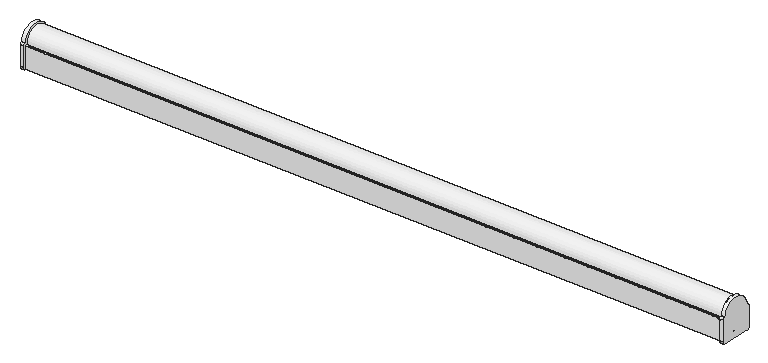
Revit family "0045174 Feilo Sylvania Lighting Fixture SYLBATTEN LED4 NW TP3", category Lighting Fixtures, host Face, Revit 2017
Family settings
  Host = Face
  Round Connector Dimension = Use Diameter
  Part Type = Normal
  OmniClass Number = 23.80.70.00
  OmniClass Title = Lighting
  Cut with Voids When Loaded = No
  Light Source = Yes
  Shared = No
  Room Calculation Point = No
Parameters (values of type "0045174 SYLBATTEN LED4 NW TP3")
  Width_FEILO = 66 mm
  Weight = "3.064 kg"
  Wattage Comments = "n/a"
  Wattage = 39 W
  WarrantyStartDate [instance] = "n/a"
  WarrantyGuarantorParts = "n/a"
  WarrantyDurationUnit = "n/a"
  WarrantyDurationParts = "n/a"
  WarrantyDescription = "n/a"
  built-in parameter 1150110 = 1 (stored number, unit not read)
  Voltage = 230 V
  URL = "http://www.sylvania-lighting.com"
  TypeName = "SYLBATTEN LED4 NW TP3"
  Type Image = <None>
  Type Comments = "n/a"
  built-in parameter 1114217 = 1 (stored number, unit not read)
  Tilt Angle = -90.00°
  built-in parameter 1150109 = 1 (stored number, unit not read)
  built-in parameter 1150134 = 12
  SymReflector_FEILO = no
  built-in parameter 1150113 = 1 (stored number, unit not read)
  SerialNumber [instance] = "n/a"
  PowerFactor = 0
  PowerConsumption = "39 W"
  Photometric Web File = "0045174.ies"
  NominalLength = 1505 mm
  NominalHeight = 76 mm
  NominalDepth = 66 mm
  Name = "SYLBATTEN LED4 NW TP3"
  ModelReference = Name  # "SYLBATTEN LED4 NW TP3"
  ModelNumber = "0045174"
  Model = Name  # "SYLBATTEN LED4 NW TP3"
  Material_4_FEILO = Reflector-Sylvania-Sylbatten-White
  Material_3_FEILO = Diffuser-Sylvania-Sylbatten-Glow
  Material_2_FEILO = Body-Sylvania-Sylbatten-White
  Material_1_FEILO = Body-Sylvania-Sylbatten-White
  Material = "sheet steel housing, polycarbonate diffuser"
  ManufacturerName = "Feilo Sylvania"
  Manufacturer = "Feilo Sylvania"
  LuminousEfficacy = "107.4 lm/W"
  built-in parameter 1150105 = 333.35 (stored number, unit not read)
  Lumens = 4188.99 lm
  LuminaireType = ""
  built-in parameter 1150115 = 1 (stored number, unit not read)
  LightOutputRatio = "100"
  built-in parameter 1150137 = (empty or 0)
  built-in parameter 1150139 = (empty or 0)
  Length_FEILO = 1505 mm
  LampsType = Lamp  # "LED"
  LampNominalLuminous = "4189 lm"
  LampMacAdamStep = "n/a"
  LampColourTemperature = "4000 K"
  LampColourRenderingIndex = "80"
  built-in parameter 1150112 = 1 (stored number, unit not read)
  built-in parameter 1150114 = 1 (stored number, unit not read)
  Lamp = "LED"
  Keynote = "16500"
  InstallationDate [instance] = "n/a"
  InputVoltage = "220-240V~"
  InputNominalFrequency = "n/a"
  built-in parameter 1150132 = (empty or 0)
  built-in parameter 1150102 = (empty or 0)
  built-in parameter 1150107 = 4000 (stored number, unit not read)
  built-in parameter 1150138 = (empty or 0)
  IngressProtection = "IP20"
  ImpactProtectionIndex = "IK07"
  built-in parameter 1150106 = 3.3335 (stored number, unit not read)
  IfcExportType = "IfcLightFixtureType"
  IfcExportAs = "IfcLightFixtureType"
  Height_FEILO = 76 mm
  ExpectedLife = 50000
  Emit from Rectangle Width = Length_FEILO - 16 mm  # 1489 mm
  Emit from Rectangle Length = Width_FEILO - 40 mm  # 26 mm
  Emit Shape Visible in Rendering = no
  ElectricShockClassification = "Class I"
  built-in parameter 1150104 = 9.9787 (stored number, unit not read)
  DurationUnit = "hours"
  DocumentationLiterature = "http://www.sylvania-lighting.com/product/en-int/products/0045174"
  DimmingControlOptions = "n/a"
  Dimming Lamp Color Temperature Shift = <None>
  Description = "LED batten, T8 replacement, ease of installation through 2 part push-in design of the housing (safety cable included), through wiring capability (TP3 = 3 core), sheet steel, 4189M, 39W, 107lm/W, 4000K, drive current: 350mA, CRI 80, 138° wide beam angle, electronic driver (non dimmable), IP20, IK07, 50,000 hrs (L70), (LxWxH) 1505x66x76mm, 5 step MacAdam ellipse, 3.7kg, white RAL9016, Class 1, 220-240V, energy class: A++, A+, A."
  Default Elevation = 1219.2 mm
  CreatedOn = "1/25/2018"
  CreatedBy = ""
  Cost = 0
  Color Filter = 16777215
  built-in parameter 1114216 [instance] = (empty or 0)
  ClassificationValue = "EF_70_80"
  ClassificationName = "Uniclass2015"
  CapOffset_FEILO = 2 mm
  BarCode [instance] = "n/a"
  built-in parameter 1114218 = 1 (stored number, unit not read)
  BackReflector_FEILO = and(not(AsymReflector_FEILO), SymReflector_FEILO)  # no
  built-in parameter 1150133 = 10 (stored number, unit not read)
  FrontReflector_FEILO = or(AsymReflector_FEILO, SymReflector_FEILO)  # no
  AsymReflector_FEILO = no
  AssetType = "Fixed"
  AssetIdentifier [instance] = "n/a"
  Assembly Code = "D5020200"
  Apparent Load = 39 VA
Reference planes
  plane 1 "Center (Front/Back)": y = 0
  plane 2: z = 0
  plane 3 "Center (Left/Right)": x = 0
  plane 4: x = 752.5
  plane 5: x = -752.5
  plane 6: y = 33
  plane 7: y = -33
  plane 8: z = 76
  plane 9: z = 47
  plane 10: y = -29
  plane 11: y = 29
  plane 12: z = 20
  plane 13: z = 74
  plane 14: y = -31
  plane 15: y = -27
  plane 16: y = 27
  plane 17: y = 31
  plane 18: z = 2
  plane 19: x = -744.5
  plane 20: x = 744.5
  plane 21: z = 49
  plane 22: y = 1
  plane 23: y = -1
  plane 24: z = 21
  plane 25: z = 19
  plane 26: y = -61
  plane 27: y = 61
  plane 28: y = -56
  plane 29: y = 56
  plane 30: z = 91
  plane 31: z = 88
Forms (mm)
  Extrusion 1, solid, material "Body-Sylvania-Sylbatten-White" <- "Material_2_FEILO"
    sketch origin (0, 0, 0) x (0, 1, 0) y (0, 0, 1)
      loop
        line (-31, 2) -> (31, 2) -> (31, 45)
        arc (31, 45) -> (30.414, 46.414) -> (29, 47) r 2
        line (29, 47) -> (27, 47)
        arc (27, 47) -> (0, 74) -> (-27, 47) r 27
        line (-27, 47) -> (-29, 47)
        arc (-29, 47) -> (-30.414, 46.414) -> (-31, 45) r 2
        line (-31, 45) -> (-31, 2)
    from -744.5 to 744.5
  Extrusion 2, solid, material "Body-Sylvania-Sylbatten-White" <- "Material_2_FEILO"
    sketch origin (752.5, 1524, 1219.2) x (0, 1, 0) y (0, 0, 1)
      loop
        arc (-1494, -1219.2) -> (-1491.879, -1218.321) -> (-1491, -1216.2) r 3
        line (-1491, -1216.2) -> (-1491, -1173.2)
        arc (-1491, -1173.2) -> (-1491.879, -1171.079) -> (-1494, -1170.2) r 3
        line (-1494, -1170.2) -> (-1495.069, -1170.2)
        arc (-1495.069, -1170.2) -> (-1524, -1143.2) -> (-1552.931, -1170.2) r 29
        line (-1552.931, -1170.2) -> (-1554, -1170.2)
        arc (-1554, -1170.2) -> (-1556.121, -1171.079) -> (-1557, -1173.2) r 3
        line (-1557, -1173.2) -> (-1557, -1216.2)
        arc (-1557, -1216.2) -> (-1556.121, -1218.321) -> (-1554, -1219.2) r 3
        line (-1554, -1219.2) -> (-1494, -1219.2)
      loop
        arc (-1525, -1189.25) -> (-1531.071, -1192.129) -> (-1533.95, -1198.2) r 10
        line (-1533.95, -1198.2) -> (-1532.944, -1198.2)
        arc (-1532.944, -1198.2) -> (-1530.364, -1192.836) -> (-1525, -1190.256) r 9
        line (-1525, -1190.256) -> (-1525, -1189.25)
      loop
        arc (-1523, -1190.256) -> (-1517.636, -1192.836) -> (-1515.056, -1198.2) r 9
        line (-1515.056, -1198.2) -> (-1514.05, -1198.2)
        arc (-1514.05, -1198.2) -> (-1516.929, -1192.129) -> (-1523, -1189.25) r 10
        line (-1523, -1189.25) -> (-1523, -1190.256)
      loop
        line (-1532.944, -1200.2) -> (-1533.95, -1200.2)
        arc (-1533.95, -1200.2) -> (-1531.071, -1206.271) -> (-1525, -1209.15) r 10
        line (-1525, -1209.15) -> (-1525, -1208.144)
        arc (-1525, -1208.144) -> (-1530.364, -1205.564) -> (-1532.944, -1200.2) r 9
      loop
        arc (-1515.056, -1200.2) -> (-1517.636, -1205.564) -> (-1523, -1208.144) r 9
        line (-1523, -1208.144) -> (-1523, -1209.15)
        arc (-1523, -1209.15) -> (-1516.929, -1206.271) -> (-1514.05, -1200.2) r 10
        line (-1514.05, -1200.2) -> (-1515.056, -1200.2)
    from 0 to -8
  Extrusion 3, solid, material "Body-Sylvania-Sylbatten-White" <- "Material_2_FEILO"
    sketch origin (-752.5, 1524, 1219.2) x (0, 1, 0) y (0, 0, 1)
      loop
        arc (-1495.069, -1170.2) -> (-1524, -1143.2) -> (-1552.931, -1170.2) r 29
        line (-1552.931, -1170.2) -> (-1554, -1170.2)
        arc (-1554, -1170.2) -> (-1556.121, -1171.079) -> (-1557, -1173.2) r 3
        line (-1557, -1173.2) -> (-1557, -1216.2)
        arc (-1557, -1216.2) -> (-1556.121, -1218.321) -> (-1554, -1219.2) r 3
        line (-1554, -1219.2) -> (-1494, -1219.2)
        arc (-1494, -1219.2) -> (-1491.879, -1218.321) -> (-1491, -1216.2) r 3
        line (-1491, -1216.2) -> (-1491, -1173.2)
        arc (-1491, -1173.2) -> (-1491.879, -1171.079) -> (-1494, -1170.2) r 3
        line (-1494, -1170.2) -> (-1495.069, -1170.2)
      loop
        line (-1533.95, -1198.2) -> (-1532.944, -1198.2)
        arc (-1532.944, -1198.2) -> (-1530.364, -1192.836) -> (-1525, -1190.256) r 9
        line (-1525, -1190.256) -> (-1525, -1189.25)
        arc (-1525, -1189.25) -> (-1531.071, -1192.129) -> (-1533.95, -1198.2) r 10
      loop
        line (-1523, -1189.25) -> (-1523, -1190.256)
        arc (-1523, -1190.256) -> (-1517.636, -1192.836) -> (-1515.056, -1198.2) r 9
        line (-1515.056, -1198.2) -> (-1514.05, -1198.2)
        arc (-1514.05, -1198.2) -> (-1516.929, -1192.129) -> (-1523, -1189.25) r 10
      loop
        line (-1514.05, -1200.2) -> (-1515.056, -1200.2)
        arc (-1515.056, -1200.2) -> (-1517.636, -1205.564) -> (-1523, -1208.144) r 9
        line (-1523, -1208.144) -> (-1523, -1209.15)
        arc (-1523, -1209.15) -> (-1516.929, -1206.271) -> (-1514.05, -1200.2) r 10
      loop
        line (-1525, -1209.15) -> (-1525, -1208.144)
        arc (-1525, -1208.144) -> (-1530.364, -1205.564) -> (-1532.944, -1200.2) r 9
        line (-1532.944, -1200.2) -> (-1533.95, -1200.2)
        arc (-1533.95, -1200.2) -> (-1531.071, -1206.271) -> (-1525, -1209.15) r 10
    from 0 to 8
  Extrusion 4, solid, material "Reflector-Sylvania-Sylbatten-White" <- "Material_4_FEILO", visible <- "FrontReflector_FEILO"
    sketch origin (0, 0, 0) x (0, 1, 0) y (0, 0, 1)
      loop
        line (-61.257, 88.429) -> (-60.743, 87.571) -> (-56.621, 90.044)
        arc (-56.621, 90.044) -> (-56.237, 90.099) -> (-55.929, 89.863) r 0.5
        line (-55.929, 89.863) -> (-31.435, 46.753) -> (-30.565, 47.247) -> (-55.312, 90.802)
        arc (-55.312, 90.802) -> (-55.928, 91.275) -> (-56.696, 91.165) r 1
        line (-56.696, 91.165) -> (-61.257, 88.429)
    from -744.5 to 744.5
  Extrusion 5, solid, material "Reflector-Sylvania-Sylbatten-White" <- "Material_4_FEILO", visible <- "BackReflector_FEILO"
    sketch origin (0, 0, 0) x (0, 1, 0) y (0, 0, 1)
      loop
        line (30.565, 47.247) -> (31.435, 46.753) -> (55.932, 89.868)
        arc (55.932, 89.868) -> (56.245, 90.112) -> (56.638, 90.062) r 0.518
        line (56.638, 90.062) -> (61.033, 87.565) -> (61.527, 88.435) -> (56.682, 91.188)
        arc (56.682, 91.188) -> (55.922, 91.282) -> (55.318, 90.812) r 1
        line (55.318, 90.812) -> (30.565, 47.247)
    from -744.5 to 744.5
Lines and regions (mm)
  reference lines
    curve 1: line (0, -61, 88) -> (0, -56, 91)
    curve 2: line (0, -56, 91) -> (0, -31, 47)
    curve 3: line (0, 31, 47) -> (0, 56, 91)
    curve 4: line (0, 56, 91) -> (0, 61.28, 88)
Dimensions and locks
  equal spacing: plane 5, plane 3 "Center (Left/Right)", plane 4
  equal spacing: plane 7, plane 1 "Center (Front/Back)", plane 6
  "Width_FEILO": plane 7 to plane 6
  "Length_FEILO": plane 5 to plane 4
  "Height_FEILO": plane 8 to plane 2
  locked: plane 9 to plane 8 at 29
  equal spacing: plane 10, plane 1 "Center (Front/Back)", plane 11
  locked: plane 7 to plane 10 at 4
  locked: plane 12 to plane 2 at 20
  "CapOffset_FEILO": plane 13 to plane 8
  "CapOffset_FEILO": plane 7 to plane 14
  "CapOffset_FEILO": plane 10 to plane 15
  "CapOffset_FEILO": plane 17 to plane 6
  "CapOffset_FEILO": plane 16 to plane 11
  "CapOffset_FEILO": plane 18 to plane 2
  locked: plane 14 to Extrusion 1 sketch curve at 2
  locked: Extrusion 1 sketch curve to plane 9 at 2  (x2)
  locked: plane 16 to Extrusion 1 sketch curve at 2
  equal spacing: plane 19, plane 3 "Center (Left/Right)", plane 20
  locked: plane 5 to plane 19 at 8
  "CapOffset_FEILO": plane 9 to plane 21
  locked: Extrusion 2 sketch curve to plane 2 at 47
  locked: Extrusion 1 sketch curve to plane 2 at 47
  locked: Extrusion 2 sketch curve to plane 2 at 3  (x2)
  locked: plane 7 to Extrusion 2 sketch curve at 3  (x2)
  locked: Extrusion 2 sketch curve to plane 6 at 3  (x2)
  locked: Extrusion 2 sketch curve to plane 21 at 3  (x2)
  equal spacing: plane 23, plane 1 "Center (Front/Back)", plane 22
  equal spacing: plane 25, plane 12, plane 24
  plane 30 to plane 31 to plane 2 = 3 mm locked, 88 mm locked
  plane 28 to plane 29 = 112 mm
  plane 26 to plane 27 = 122 mm
  aligned and locked: plane 2 to host face
  aligned and locked: level to host face
  aligned and locked: plane 18 to Extrusion 1 sketch curve
  aligned and locked: plane 14 to Extrusion 1 sketch curve
  aligned and locked: Extrusion 1 sketch curve to plane 9  (x2)
  aligned and locked: Extrusion 1 sketch curve to plane 17
  aligned and locked: plane 15 to Extrusion 1 sketch curve
  aligned and locked: plane 16 to Extrusion 1 sketch curve
  aligned and locked: plane 9 to Extrusion 1 sketch curve
  aligned and locked: plane 20 to Extrusion 1
  aligned and locked: level to Extrusion 2 sketch curve
  aligned and locked: Extrusion 2 sketch curve to plane 7
  aligned and locked: plane 21 to Extrusion 2 sketch curve
  aligned and locked: Extrusion 2 sketch curve to plane 21
  aligned and locked: plane 1 "Center (Front/Back)" to Extrusion 2 sketch curve  (x3)
  aligned and locked: Extrusion 2 to Extrusion 1
  aligned and locked: plane 4 to Extrusion 2
  aligned and locked: plane 12 to Extrusion 2 sketch curve  (x2)
  aligned and locked: Extrusion 2 sketch curve to plane 22
  aligned and locked: Extrusion 2 sketch curve to plane 23
  aligned and locked: Extrusion 2 sketch curve to plane 24
  aligned and locked: Extrusion 2 sketch curve to plane 25
  aligned and locked: plane 25 to Extrusion 2 sketch curve
  aligned and locked: plane 22 to Extrusion 2 sketch curve
  aligned and locked: plane 24 to Extrusion 2 sketch curve
  aligned and locked: plane 23 to Extrusion 2 sketch curve  (x2)
  aligned and locked: Extrusion 3 sketch curve to Extrusion 2  (x22)
  aligned and locked: Extrusion 3 to Extrusion 1
  aligned and locked: Extrusion 3 to plane 5
  aligned and locked: plane 19 to Extrusion 3
  aligned and locked: plane 31 to curve 1
  aligned and locked: plane 30 to curve 1
  aligned and locked: plane 14 to curve 2
  aligned and locked: plane 9 to curve 2
  aligned and locked: plane 17 to curve 3
  aligned and locked: plane 30 to curve 3
  aligned and locked: plane 31 to curve 4
  aligned and locked: Extrusion 4 sketch curve to curve 2
  aligned and locked: Extrusion 4 sketch curve to curve 1
  aligned and locked: Extrusion 4 to Extrusion 1
  aligned and locked: Extrusion 1 to Extrusion 4
  aligned and locked: imposter light to plane 1 "Center (Front/Back)"
  aligned and locked: imposter light to plane 3 "Center (Left/Right)"
  aligned and locked: imposter light to plane 13
  aligned and locked: Extrusion 5 sketch curve to curve 4
  aligned and locked: Extrusion 5 sketch curve to curve 3
  aligned and locked: Extrusion 1 to Extrusion 5
  aligned and locked: Extrusion 5 to Extrusion 1
Automatic sketch dimensions
  host sketch curve to host sketch curve = 2438.4 mm  (x2)
  Extrusion 2 sketch curve to Extrusion 2 sketch curve = 0 mm  (x14)
  Extrusion 2 sketch curve to plane 10 = 0.069 mm
  plane 23 to Extrusion 2 sketch curve = 8.95 mm
  Extrusion 2 sketch curve to Extrusion 2 sketch curve = 1.006 mm  (x4)
  Extrusion 2 sketch curve to plane 22 = 7.944 mm
  curve 1 to plane 26 = 0 mm
  curve 2 to plane 28 = 0 mm
  curve 4 to plane 29 = 0 mm
  plane 9 to curve 3 = 0 mm
  plane 26 to Extrusion 4 sketch curve = 0.257 mm
  Extrusion 4 sketch curve to plane 26 = 0.257 mm
  Extrusion 4 sketch curve to plane 30 = 0.165 mm
  plane 28 to Extrusion 4 sketch curve = 0.696 mm
  plane 28 to Extrusion 4 sketch curve = 0.621 mm
  plane 28 to Extrusion 4 sketch curve = 0.364 mm
  plane 28 to Extrusion 4 sketch curve = 0.182 mm
  Extrusion 4 sketch curve to plane 28 = 0.071 mm
  plane 30 to Extrusion 4 sketch curve = 0.198 mm
  Extrusion 4 sketch curve to plane 28 = 0.688 mm
  plane 9 to Extrusion 4 sketch curve = 0.247 mm
  plane 1 "Center (Front/Back)" to Extrusion 4 sketch curve = 31.435 mm
  Extrusion 5 sketch curve to plane 9 = 0.247 mm
  Extrusion 5 sketch curve to plane 1 "Center (Front/Back)" = 30.565 mm
  plane 9 to Extrusion 5 sketch curve = 0.247 mm
  plane 30 to Extrusion 5 sketch curve = 0.188 mm
  plane 29 to Extrusion 5 sketch curve = 0.068 mm
  Extrusion 5 sketch curve to plane 29 = 0.188 mm
  Extrusion 5 sketch curve to plane 29 = 0.382 mm
  Extrusion 5 sketch curve to Extrusion 5 sketch curve = 0.256 mm
  Extrusion 5 sketch curve to plane 30 = 0.188 mm
  Extrusion 5 sketch curve to plane 29 = 0.682 mm
  Extrusion 5 sketch curve to plane 27 = 0.033 mm
  Extrusion 5 sketch curve to plane 27 = 0.527 mm
Connectors
  electrical at (0, 0, 0), driven by "Apparent Load", driven by "PowerFactor", driven by "Voltage"
    settings: index 1, voltage 230 V, apparent load 39 VA, apparent load phase1 0 VA, apparent load phase2 0 VA, apparent load phase3 0 VA, power factor 0, load classification "Lighting", number of poles 1, system type 30, power factor state 1, is connector primary yes, connector utility no, sub classification motor no, connector description ""
